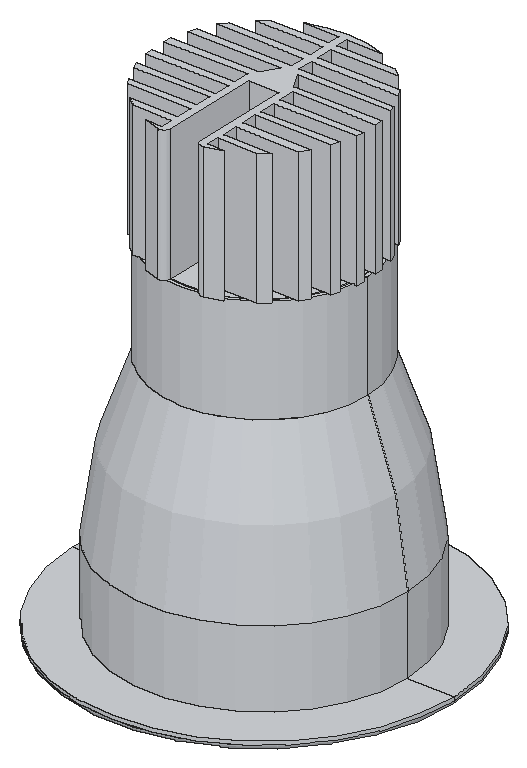
Revit family "Alcon-14124-4-Revit-Family", category Lighting Fixtures, host Ceiling, Revit 2021
Family settings
  Host = Ceiling
  Round Connector Dimension = Use Diameter
  Part Type = Normal
  OmniClass Number = 23.80.70.11
  OmniClass Title = Luminaries for Internal Lighting
  Always vertical = Yes
  Cut with Voids When Loaded = No
  Light Source = Yes
  Shared = No
  Room Calculation Point = No
Parameters (values of type "Type 1")
  Wattage = 9.2903 W
  built-in parameter 1150110 = 1 (stored number, unit not read)
  built-in parameter 1114217 = 1 (stored number, unit not read)
  Tilt Angle = 60.00°
  built-in parameter 1150109 = 1 (stored number, unit not read)
  built-in parameter 1150134 = (empty or 0)
  built-in parameter 1150113 = 1 (stored number, unit not read)
  built-in parameter 1010507 = 1.5708 (stored number, unit not read)
  built-in parameter 1010506 = 0.5236 (stored number, unit not read)
  Product Identity = "Alcon Lighting 14124-4"
  Manufacturer = "Alcon Light"
  Lumens = 1380 lm
  built-in parameter 1150115 = 1 (stored number, unit not read)
  built-in parameter 1150105 = 4614.1 (stored number, unit not read)
  Link To Product Page = "https://www.alconlighting.com/14124-4.html"
  LightSource = none
  Light Source Symbol Length = 10' - 0"
  built-in parameter 1150137 = (empty or 0)
  built-in parameter 1150139 = (empty or 0)
  Lens = none
  built-in parameter 1150112 = 1 (stored number, unit not read)
  built-in parameter 1150114 = 1 (stored number, unit not read)
  built-in parameter 1150132 = 2
  built-in parameter 1150102 = (empty or 0)
  built-in parameter 1150138 = (empty or 0)
  built-in parameter 1150107 = 3000 (stored number, unit not read)
  built-in parameter 1150106 = 46.141 (stored number, unit not read)
  Housing = none
  built-in parameter 1150104 = 13.8 (stored number, unit not read)
  Dimming Lamp Color Temperature Shift = <None>
  Default Elevation = 0' - 0"
  Color Filter = 16777215
  built-in parameter 1114218 = 1 (stored number, unit not read)
  built-in parameter 1150133 = 10 (stored number, unit not read)
Reference planes (in)
  plane 1 "Light Source Axis (F/B)": y = 0
  plane 2: z = 0
  plane 3 "Light Source Axis (L/R)": x = 0
  plane 4 "Ceiling": z = 157.79911
  plane 5 "Light Source Elevation": z = 157.10531
Forms (in)
  Extrusion 1, void
    sketch origin (0, 0, 157.79911) x (0, 1, 0) y (-1, 0, 0)
      loop
        circle (0, 0) r 2.8
    from -0.44379 to 2.07621
  Revolve 2, solid, material <- "Housing"
    sketch origin (0, 0, 0) x (1, 0, 0) y (0, 0, 1)
      loop
        line (-2.8, 157.48031) -> (-2.8, 157.42601)
        arc (-2.8, 157.42601) -> (-2.77929, 157.37602) -> (-2.72931, 157.35531) r 0.07069
        line (-2.72931, 157.35531) -> (-2.01, 157.35531) -> (-2.01, 157.48031) -> (-2.8, 157.48031)
      axis (0, 157.48031) -> (0, 157.35531)
    angle from 0 to 360
  Revolve 3, solid, material <- "Lens"
    sketch origin (0, 0, -5.11929) x (1, 0, 0) y (0, 0, 1)
      loop
        line (0, 166.11587) -> (0, 166.26517) -> (-1.46, 166.26517) -> (-1.46, 166.11587) -> (0, 166.11587)
      axis (0, 166.11587) -> (0, 166.26517)
    angle from 0 to 360
  Revolve 4, solid, material <- "Housing"
    sketch origin (-40.7589, 0, 5.79101) x (0.965926, 0, -0.258819) y (0.258819, 0, 0.965926)
      loop
        line (-2.6129, 161.59077) -> (-2.67327, 161.57459) -> (-2.2707, 160.0722)
        arc (-2.2707, 160.0722) -> (-2.36803, 158.84251) -> (-2.22513, 157.61729) r 6.3327
        arc (-2.22513, 157.61729) -> (-2.0909, 157.06662) -> (-1.92883, 156.5235) r 11.13887
        line (-1.92883, 156.5235) -> (-1.86837, 156.53969)
        arc (-1.86837, 156.53969) -> (-2.03013, 157.08134) -> (-2.16405, 157.63054) r 11.07637
        arc (-2.16405, 157.63054) -> (-2.30567, 158.85061) -> (-2.20672, 160.07489) r 6.2702
        line (-2.20672, 160.07489) -> (-2.6129, 161.59077)
      axis (0.11, 157.0698) -> (-1.20264, 161.96864)
    angle from 0 to 360
  Revolve 5, solid, material <- "LightSource"
    sketch origin (0, 0, -5.11929) x (1, 0, 0) y (0, 0, 1)
      loop
        line (0, 167.47841) -> (0, 167.67126) -> (-1.46, 167.67126) -> (-1.46, 167.47841) -> (0, 167.47841)
      axis (0, 167.47841) -> (0, 167.67126)
    angle from 0 to 360
  Extrusion 6, solid, material <- "Housing"
    sketch origin (0, 0, 162.55197) x (0, 1, 0) y (1, 0, 0)
      loop
        arc (-1.27155, -0.90905) -> (-1.21771, -0.98001) -> (-1.15991, -1.04778) r 1.56308
        line (-1.15991, -1.04778) -> (-1.15991, -0.33495) -> (-0.9242, -0.33495) -> (-0.9242, -1.26058)
        arc (-0.9242, -1.26058) -> (-0.86918, -1.29913) -> (-0.81255, -1.33528) r 1.56308
        line (-0.81255, -1.33528) -> (-0.81255, -0.33495) -> (-0.57685, -0.33495) -> (-0.57685, -1.45274)
        arc (-0.57685, -1.45274) -> (-0.5214, -1.47355) -> (-0.4652, -1.49225) r 1.56308
        line (-0.4652, -1.49225) -> (-0.4652, -0.33495) -> (-0.2295, -0.33495) -> (-0.2295, -1.54614)
        arc (-0.2295, -1.54614) -> (-0.17379, -1.55339) -> (-0.11785, -1.55863) r 1.56308
        line (-0.11785, -1.55863) -> (-0.11785, -0.33495) -> (0.11785, -0.33495) -> (0.11785, -1.55863)
        arc (0.11785, -1.55863) -> (0.17379, -1.55339) -> (0.2295, -1.54614) r 1.56308
        line (0.2295, -1.54614) -> (0.2295, -0.26424) -> (0.4652, -0.12281) -> (0.4652, -1.49225)
        arc (0.4652, -1.49225) -> (0.5214, -1.47355) -> (0.57685, -1.45274) r 1.56308
        line (0.57685, -1.45274) -> (0.57685, -0.05582) -> (0.81255, -0.05582) -> (0.81255, -1.33528)
        arc (0.81255, -1.33528) -> (0.86918, -1.29913) -> (0.9242, -1.26058) r 1.56308
        line (0.9242, -1.26058) -> (0.9242, -0.05582) -> (1.15991, -0.05582) -> (1.15991, -1.04778)
        arc (1.15991, -1.04778) -> (1.21771, -0.98001) -> (1.27155, -0.90905) r 1.56308
        line (1.27155, -0.90905) -> (1.27155, -0.05582) -> (1.45143, -0.05582) -> (1.45143, -0.58014)
        arc (1.45143, -0.58014) -> (1.56308, 0) -> (1.45143, 0.58014) r 1.56308
        line (1.45143, 0.58014) -> (1.45143, 0.05582) -> (1.27155, 0.05582) -> (1.27155, 0.90905)
        arc (1.27155, 0.90905) -> (1.21771, 0.98001) -> (1.15991, 1.04778) r 1.56308
        line (1.15991, 1.04778) -> (1.15991, 0.05582) -> (0.9242, 0.05582) -> (0.9242, 1.26058)
        arc (0.9242, 1.26058) -> (0.86918, 1.29913) -> (0.81255, 1.33528) r 1.56308
        line (0.81255, 1.33528) -> (0.81255, 0.05582) -> (0.57685, 0.05582) -> (0.57685, 1.45274)
        arc (0.57685, 1.45274) -> (0.5214, 1.47355) -> (0.4652, 1.49225) r 1.56308
        line (0.4652, 1.49225) -> (0.4652, 0.12281) -> (0.2295, 0.26424) -> (0.2295, 1.54614)
        arc (0.2295, 1.54614) -> (0.17379, 1.55339) -> (0.11785, 1.55863) r 1.56308
        line (0.11785, 1.55863) -> (0.11785, 0.33495) -> (-0.11785, 0.33495) -> (-0.11785, 1.55863)
        arc (-0.11785, 1.55863) -> (-0.17379, 1.55339) -> (-0.2295, 1.54614) r 1.56308
        line (-0.2295, 1.54614) -> (-0.2295, 0.33495) -> (-0.4652, 0.33495) -> (-0.4652, 1.49225)
        arc (-0.4652, 1.49225) -> (-0.5214, 1.47355) -> (-0.57685, 1.45274) r 1.56308
        line (-0.57685, 1.45274) -> (-0.57685, 0.33495) -> (-0.81255, 0.33495) -> (-0.81255, 1.33528)
        arc (-0.81255, 1.33528) -> (-0.86918, 1.29913) -> (-0.9242, 1.26058) r 1.56308
        line (-0.9242, 1.26058) -> (-0.9242, 0.33495) -> (-1.15991, 0.33495) -> (-1.15991, 1.04778)
        arc (-1.15991, 1.04778) -> (-1.21771, 0.98001) -> (-1.27155, 0.90905) r 1.56308
        line (-1.27155, 0.90905) -> (-1.27155, 0.33495) -> (-1.45143, 0.33495) -> (-1.45143, 0.58014)
        arc (-1.45143, 0.58014) -> (-1.49378, 0.46027) -> (-1.52624, 0.33734) r 1.56308
        arc (-1.52624, 0.33734) -> (-1.50779, 0.25836) -> (-1.43465, 0.2233) r 0.0938
        line (-1.43465, 0.2233) -> (0, 0.2233) -> (0, -0.2233) -> (-1.43472, -0.2233)
        arc (-1.43472, -0.2233) -> (-1.50781, -0.25834) -> (-1.52626, -0.33728) r 0.09375
        arc (-1.52626, -0.33728) -> (-1.49379, -0.46023) -> (-1.45143, -0.58014) r 1.56308
        line (-1.45143, -0.58014) -> (-1.45143, -0.33495) -> (-1.27155, -0.33495) -> (-1.27155, -0.90905)
    from -1.96914 to 0
Dimensions and locks (in)
  equal spacing: host sketch curve, plane 3 "Light Source Axis (L/R)", host sketch curve
  equal spacing: host sketch curve, plane 1 "Light Source Axis (F/B)", host sketch curve
  host sketch curve to host sketch curve = 13' - 1.48031"  (x2)
  host ceiling to plane 4 "Ceiling" = 0' - 0.31879"
  Revolve 2 to Revolve 2 = 0' - 5.6"
  Revolve 2 to Revolve 2 = 0' - 4.02"
  Revolve 3 to Revolve 3 = 0' - 2.92"
  aligned and locked: plane 1 "Light Source Axis (F/B)" to imposter light
